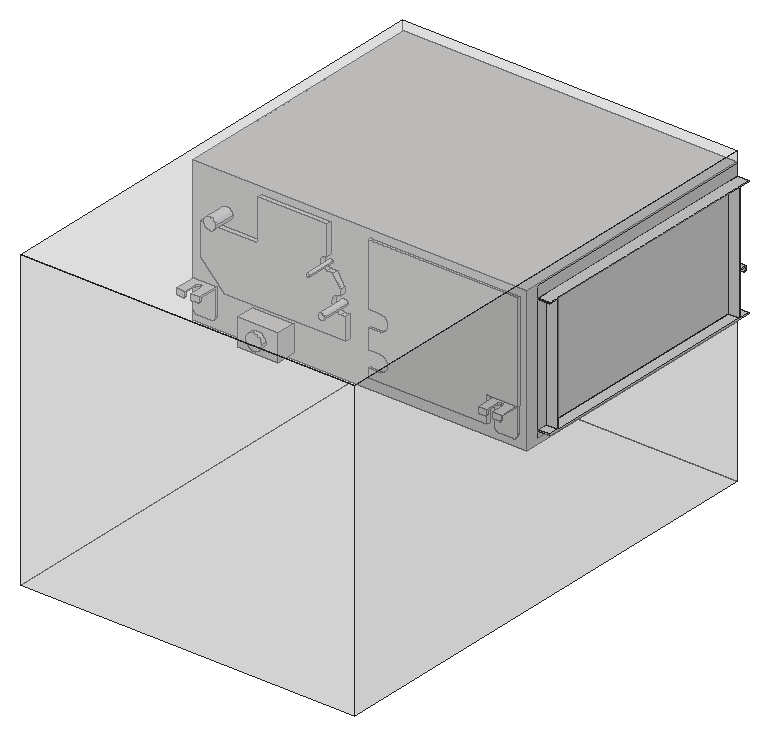
Revit family "outputfile", category 機械設備, Revit 2024
Family settings
  丸型コネクタ寸法 = 半径を使用
  パーツ タイプ = 標準
  OmniClass 番号 = 23.75.10.24.21.27.27
  OmniClass タイトル = Split System Air Conditioning Units
  作業面ベース = いいえ
  常に垂直 = はい
  ロード時にボイドで切り取り = いいえ
  注釈の向きを維持 = いいえ
  共有 = いいえ
  部屋計算ポイント = はい
Parameters (values of type "FXMQ20PAV4")
  Description = ""
  製造元 = "Daikin"
  書き出し IFC クラス(タイプ) = "IfcUnitaryEquipmentType"
  定義済み IFC タイプ(タイプ) = "AIRCONDITIONINGUNIT"
  Cost = 0
  モデル = "FXMQ20PAV4"
  Type Comments = ""
  Keynote = ""
  Type Image = (empty or 0)
  Assembly Code = ""
  r_Liquid Pipe Size = Liquid Pipe Size / 2  # 3.2 mm
  r_Gas Pipe Size = Gas Pipe Size / 2  # 6.35 mm
  r_Drain Pipe Size = Drain Pipe Size / 2  # 12.5 mm
  lw_power = 396.0 mm  # constant formula
  lh_SA = 165.0 mm  # constant formula
  lw_SA = if(Depth = 550.0 mm, 210.0 mm, if(Depth = 700.0 mm, 285.0 mm, if(Depth = 1000.0 mm, 435.0 mm, 635.0 mm)))  # 210.0 mm
  lw_RA = if(Depth = 550.0 mm, 288.0 mm, if(Depth = 700.0 mm, 363.0 mm, if(Depth = 1000.0 mm, 513.0 mm, 713.0 mm)))  # 288.0 mm
  lh_power = 60.0 mm + [h***]  # 60.0 mm
  lh_mountinghole1 = lh_mountinghole + [h***]  # 80.0 mm
  lh_RA = 150.0 mm  # constant formula
  ld_power = Depth / 2  # 275.0 mm
  Voltage_comment_60Hz = "220"
  Voltage_comment_50Hz = "220-240"
  Voltage_60Hz = 220 V
  Voltage_50Hz = 220 V
  URL = ""
  Supply Air Direction [instance] = yes
  Sound Power Level_H speed (dB) = 51
  Phase_60Hz = 1
  Phase_50Hz = 1
  Minimum External Static Pressure = 50.00 Pa
  Minimum Circuit Amps_60Hz = 0.6 A
  Minimum Circuit Amps_50Hz = 0.6 A
  Maximum Fuse Amps_60Hz = 16.0 A
  Maximum Fuse Amps_50Hz = 16.0 A
  Maximum External Static Pressure = 100.00 Pa
  Material_Casing = DAIKIN_GalvanizedSteel_Casing_indoorunit
  lw_mountinghole = 631.0 mm  # constant formula
  lh_gaspipe = 144.0 mm + [h***]  # 144.0 mm
  lh_mountinghole = 80.0 mm  # constant formula
  lh_liquidpipe = 212.0 mm + [h***]  # 212.0 mm
  lh_drainpipe = 232.0 mm + [h***]  # 232.0 mm
  lh_antena = Height - lh_mountinghole + 1.0 mm  # 221.0 mm
  ld_drainpipe = Depth / 2 + 54.0 mm  # 329.0 mm
  ld_liquidpipe = 335.0 mm
  ld_gaspipe = 335.0 mm
  ld_mountinghole = Depth + 38.0 mm  # 588.0 mm
  h*** = 0.0 mm  # constant formula
  lw_liquidpipe = 290.0 mm  # constant formula
  lw_gaspipe = 318.0 mm  # constant formula
  lw_drainpipe = 80.0 mm  # constant formula
  Width = 700.0 mm
  Version = "ver.1.0"
  Unit Type = "Middle-High Static Pressure Duct Type"
  Unit Mass Weight = 25.00 kg
  Unit Designation [instance] = ""
  Uniclass2015Version = "Products v1.30"
  Uniclass2015Title = "Variable refrigerant flow units"
  Uniclass2015Code = "Pr_70_65_03_94"
  Total Heating Capacity [instance] = 0.000 kW
  Total Cooling Capacity [instance] = 0.000 kW
  Sound Pressure Level_M speed (dBA) = 0
  Sound Pressure Level_L speed (dBA) = 29
  Sound Pressure Level_H speed (dBA) = 33
  Series = "VRV Fan Coil Unit"
  Sensible Cooling Capacity [instance] = 0.000 kW
  SA Duct Size Width = if(Depth = 550.0 mm, 310.0 mm, if(Depth = 700.0 mm, 460.0 mm, if(Depth = 1000.0 mm, 760.0 mm, 1160.0 mm)))  # 310.0 mm
  SA Duct Size Height = 215.0 mm
  Refrigerant Type = "R410A"
  RA Duct Size Width = if(Depth = 550.0 mm, 475.0 mm, if(Depth = 700.0 mm, 625.0 mm, if(Depth = 1000.0 mm, 925.0 mm, 1325.0 mm)))  # 475.0 mm
  RA Duct Size Height = 247.0 mm
  Power Input (Heating) = 0.069 kW
  Power Input (Cooling) = 0.081 kW
  Option Accessory 3 [instance] = ""
  Option Accessory 2 [instance] = ""
  Option Accessory 1 [instance] = ""
  Nominal Heating Capacity = 2.500 kW
  Nominal Cooling Capacity = 2.200 kW
  Minimum Airflow = 390.00 m³/h
  Median Airflow = 450.00 m³/h
  Maximum Airflow = 540.00 m³/h
  Load Classification = HVAC
  Liquid Pipe Size = 6.4 mm
  Link_Nested Family [instance] = ""
  IfcVersion = "0"
  IfcExportType = "AIRCONDITIONINGUNIT"
  IfcExportAs = "IfcUnitaryEquipmentType"
  Height = 300.0 mm
  Heating Entering Wet Bulb Temperature [instance] = 0.00 °C
  Heating Entering Dry Bulb Temperature [instance] = 0.00 °C
  Heating Ambient Wet Bulb Temperature [instance] = 0.00 °C
  Heating Ambient Dry Bulb Temperature [instance] = 0.00 °C
  Heat Exchanger Type = "Cross Fin Coil"
  Gas Pipe Size = 12.7 mm
  Frequency_60Hz = 60 Hz
  Frequency_50Hz = 50 Hz
  Fan Type = "Sirocco Fan"
  Fan Drive = "Direct Drive"
  FCU Tag No. [instance] = ""
  Drain Pipe Size = 25.0 mm
  Design Supply Airflow [instance] = 0.00 m³/h
  Design Return Airflow [instance] = 0.00 m³/h
  Design External Static Pressure [instance] = 0.00 Pa
  Depth = 550.0 mm
  既定の高さ = 0.0 mm
  Cooling Entering Wet Bulb Temperature [instance] = 0.00 °C
  Cooling Entering Dry Bulb Temperature [instance] = 0.00 °C
  Cooling Ambient Wet Bulb Temperature [instance] = 0.00 °C
  Cooling Ambient Dry Bulb Temperature [instance] = 0.00 °C
  Clearance visibility [instance] = yes
  Clearance Top = 20.0 mm
  Clearance Right = 0.0 mm
  Clearance Rear = 0.0 mm
  Clearance Left = 0.0 mm
  Clearance Front = 450.0 mm
  Clearance Bottom = 300.0 mm
Reference planes
  plane 1 "Center (Front/Back)": y = 0
  plane 2 "h": z = 0
  plane 3 "Center (Left/Right)": x = 0
  plane 4 "Back": y = 275
  plane 5 "Front": y = -275
  plane 6 "Left": x = -350
  plane 7 "Reight": x = 350
  plane 8 "Top": z = 0
  plane 9 "Bottom": z = -300
  plane 10: y = -215
  plane 11: y = 275
  plane 12: y = -725
  plane 13: x = -350
  plane 14: x = 350
  plane 15: z = 20
  plane 16: z = -600
  plane 17: x = -350
  plane 18: z = -135
  plane 19: x = -349
  plane 20: x = 349
  plane 21: y = 65
  plane 22: y = 13
  plane 23: z = -150
  plane 24: y = -285.8
  plane 25: z = -14
  plane 26: z = -219
  plane 27: x = -324
  plane 28: x = -60
  plane 29: x = -20
  plane 30: z = -156
  plane 31: x = -32
  plane 32: z = -88
  plane 33: x = 23
  plane 34: x = 335
  plane 35: z = -15.8
  plane 36: z = -274.8
  plane 37: z = -219.8
  plane 38: x = 271
  plane 39: x = -223.3
  plane 40: x = -138.3
  plane 41: z = -232.7
  plane 42: z = -288.5
  plane 43: y = -316
  plane 44: x = -181
  plane 45: z = -260
  plane 46: y = -326
  plane 47: z = -163.8
  plane 48: z = -239.8
  plane 49: x = 46
  plane 50: z = -88
  plane 51: x = -60
  plane 52: y = -335
  plane 53: z = -156
  plane 54: x = -32
  plane 55: y = -329
  plane 56: z = -68
  plane 57: x = -270
  plane 58: x = -270
  plane 59: x = -60
  plane 60: x = -32
  plane 61: x = 46
  plane 62: x = -323
  plane 63: x = 308
  plane 64: y = -294
  plane 65: y = 294
  plane 66: z = -220
  plane 67: y = -281
  plane 68: x = -204
  plane 69: z = -100.2
  plane 70: x = -374
  plane 71: x = 374
Forms (mm)
  Extrusion 1, solid, material "DAIKIN_GalvanizedSteel_Casing_indoorunit" <- "Material_Casing"
    sketch origin (0, 0, 0) x (1, 0, 0) y (0, 1, 0)
      loop
        line (-349, 275) -> (-349, -275) -> (349, -275) -> (349, 275) -> (-349, 275)
    from -300 to 0
  Extrusion 2, solid, material "DAIKIN_GalvanizedSteel_Casing_indoorunit" <- "Material_Casing"
    sketch origin (0, 0, 0) x (1, 0, 0) y (0, 0, 1)
      loop
        line (-324, -100.2) -> (-324, -168) -> (-273, -219) -> (-20, -219) -> (-20, -173.5) -> (-32, -173.5)
        arc (-32, -173.5) -> (-49.5, -156) -> (-32, -138.5) r 17.5
        line (-32, -138.5) -> (-32, -127.5) -> (-47, -101) -> (-60, -101)
        arc (-60, -101) -> (-73, -88) -> (-60, -75) r 13
        line (-60, -75) -> (-60, -14) -> (-204, -14) -> (-204, -100.2) -> (-324, -100.2)
    from 275 to 285.8
  Extrusion 3, solid, material "DAIKIN_GalvanizedSteel_Casing_indoorunit" <- "Material_Casing"
    sketch origin (0, 0, 0) x (1, 0, 0) y (0, 0, 1)
      loop
        line (23, -274.8) -> (271, -274.8) -> (271, -219.8) -> (335, -219.8) -> (335, -15.8) -> (23, -15.8) -> (23, -146.3) -> (46, -146.3)
        arc (46, -146.3) -> (63.5, -163.8) -> (46, -181.3) r 17.5
        line (46, -181.3) -> (23, -181.3) -> (23, -222.3) -> (46, -222.3)
        arc (46, -222.3) -> (63.5, -239.8) -> (46, -257.3) r 17.5
        line (46, -257.3) -> (23, -257.3) -> (23, -274.8)
    from 275 to 281
  Extrusion 4, solid, material "DAIKIN_GalvanizedSteel_Casing_indoorunit" <- "Material_Casing"
    sketch origin (0, 0, 0) x (1, 0, 0) y (0, 0, 1)
      loop
        line (-223.3, -232.7) -> (-223.3, -288.5) -> (-138.3, -288.5) -> (-138.3, -232.7) -> (-223.3, -232.7)
    from 275 to 316
  Extrusion 5, solid, material "DAIKIN_GalvanizedSteel_Casing_indoorunit" <- "Material_Casing"
    sketch origin (0, 0, 0) x (1, 0, 0) y (0, 0, 1)
      loop
        circle (-181, -260) r 16.5
    from 316 to 326
  Extrusion 6, solid
    sketch origin (0, 0, 0) x (1, 0, 0) y (0, 0, 1)
      loop
        circle (-60, -88) r 3.2
    from 275 to 335
  Extrusion 7, solid
    sketch origin (0, 0, 0) x (1, 0, 0) y (0, 0, 1)
      loop
        circle (-32, -156) r 6.35
    from 275 to 335
  Extrusion 8, solid
    sketch origin (0, 0, 0) x (1, 0, 0) y (0, 0, 1)
      loop
        circle (-270, -68) r 12.5
    from 285.8 to 329
Dimensions and locks
  "Height": plane 8 "Top" to plane 9 "Bottom"
  equal spacing: plane 4 "Back", plane 1 "Center (Front/Back)", plane 5 "Front"
  "Depth": plane 4 "Back" to plane 5 "Front"
  equal spacing: plane 6 "Left", plane 3 "Center (Left/Right)", plane 7 "Reight"
  "Width": plane 6 "Left" to plane 7 "Reight"
  "Clearance Left": plane 13 to plane 6 "Left"
  "Clearance Right": plane 7 "Reight" to plane 14
  "Clearance Rear": plane 11 to plane 4 "Back"
  "Clearance Front": plane 5 "Front" to plane 12
  "Clearance Top": plane 15 to plane 8 "Top"
  "Clearance Bottom": plane 9 "Bottom" to plane 16
  "lh_SA": plane 18 to plane 9 "Bottom"
  locked: plane 17 to plane 19 at 1
  locked: plane 20 to plane 14 at 1
  "lw_SA": plane 11 to plane 21
  "lw_RA": plane 22 to plane 5 "Front"
  "lh_RA": plane 23 to plane 9 "Bottom"
  locked: plane 5 "Front" to plane 24 at 10.8
  plane 29 to plane 28 to plane 27 to plane 6 "Left" = 40.0 mm, 264.0 mm, 26.0 mm
  locked: plane 31 to plane 6 "Left" at 318
  plane 34 to plane 33 to plane 6 "Left" = 312.0 mm locked, 373.0 mm locked
  locked: plane 34 to plane 38 at 64
  locked: plane 37 to plane 36 at 55
  plane 40 to plane 39 to plane 6 "Left" = 85.0 mm locked, 126.7 mm locked
  locked: plane 5 "Front" to plane 43 at 41
  locked: plane 44 to plane 6 "Left" at 169
  locked: plane 43 to plane 46 at 10
  plane 47 to plane 48 to plane 36 = 76.0 mm locked, 35.0 mm locked
  locked: plane 49 to plane 33 at 23
  "lw_liquidpipe": plane 51 to plane 6 "Left"
  "lh_liquidpipe": plane 50 to plane 9 "Bottom"
  "lh_gaspipe": plane 53 to plane 9 "Bottom"
  "lw_gaspipe": plane 54 to plane 6 "Left"
  "ld_gaspipe": plane 52 to plane 1 "Center (Front/Back)"
  "ld_drainpipe": plane 55 to plane 1 "Center (Front/Back)"
  "lh_drainpipe": plane 56 to plane 9 "Bottom"
  "lw_drainpipe": plane 57 to plane 6 "Left"
  "lw_drainpipe": plane 6 "Left" to plane 58
  "lw_liquidpipe": plane 6 "Left" to plane 59
  "lw_gaspipe": plane 6 "Left" to plane 60
  "lw_power": plane 6 "Left" to plane 61
  plane 17 to plane 62 = 27.0 mm
  "lw_mountinghole": plane 62 to plane 63
  equal spacing: plane 64, plane 1 "Center (Front/Back)", plane 65
  "ld_mountinghole": plane 65 to plane 64
  "lh_mountinghole": plane 66 to plane 9 "Bottom"
  plane 8 "Top" to plane 41 to plane 42 = 232.7 mm locked, 55.8 mm locked
  locked: plane 8 "Top" to plane 45 at 260
  plane 8 "Top" to plane 25 to plane 26 = 14.0 mm locked, 205.0 mm locked
  plane 8 "Top" to plane 32 to plane 30 = 88.0 mm locked, 68.0 mm locked
  plane 8 "Top" to plane 35 to plane 36 = 15.8 mm locked, 259.0 mm locked
  locked: plane 5 "Front" to plane 67 at 6
  locked: plane 25 to plane 69 at 86.2
  locked: plane 27 to plane 68 at 120
  locked: plane 70 to plane 6 "Left" at 24
  locked: plane 14 to plane 71 at 24
  "r_Liquid Pipe Size": radius of Extrusion 6 sketch curve
  "r_Gas Pipe Size": radius of Extrusion 7 sketch curve
  "r_Drain Pipe Size": radius of Extrusion 8 sketch curve
  aligned and locked: level to plane 2 "h"
  aligned and locked: plane 8 "Top" to Extrusion 1
  aligned and locked: Extrusion 1 to plane 9 "Bottom"
  aligned and locked: nested 5 to plane 12
  aligned and locked: plane 13 to nested 5
  aligned and locked: plane 14 to nested 5
  aligned and locked: nested 5 to plane 13
  aligned and locked: plane 11 to nested 5
  aligned and locked: plane 15 to nested 5
  aligned and locked: plane 16 to nested 5
  aligned and locked: plane 5 "Front" to Extrusion 1 sketch curve
  aligned and locked: Extrusion 1 to plane 19
  aligned and locked: plane 20 to Extrusion 1
  aligned and locked: nested 7 to plane 19
  aligned and locked: nested 7 to plane 21
  aligned and locked: plane 18 to nested 7
  aligned and locked: plane 20 to nested 8
  aligned and locked: plane 22 to nested 8
  aligned and locked: plane 23 to nested 8
  aligned and locked: Extrusion 2 to plane 24
  aligned and locked: plane 5 "Front" to Extrusion 2
  aligned and locked: plane 36 to Extrusion 3 sketch curve
  aligned and locked: plane 38 to Extrusion 3 sketch curve
  aligned and locked: plane 37 to Extrusion 3 sketch curve
  aligned and locked: Extrusion 3 sketch curve to plane 34
  aligned and locked: Extrusion 3 sketch curve to plane 35
  aligned and locked: Extrusion 3 sketch curve to plane 33
  aligned and locked: plane 5 "Front" to Extrusion 3
  aligned and locked: Extrusion 4 sketch curve to plane 41
  aligned and locked: Extrusion 4 sketch curve to plane 39
  aligned and locked: plane 42 to Extrusion 4 sketch curve
  aligned and locked: plane 40 to Extrusion 4 sketch curve
  aligned and locked: Extrusion 4 to plane 43
  aligned and locked: plane 5 "Front" to Extrusion 4
  aligned and locked: Extrusion 5 sketch curve to plane 44
  aligned and locked: plane 45 to Extrusion 5 sketch curve
  aligned and locked: Extrusion 5 to plane 46
  aligned and locked: plane 43 to Extrusion 5
  aligned and locked: Extrusion 6 sketch curve to plane 51
  aligned and locked: plane 50 to Extrusion 6 sketch curve
  aligned and locked: Extrusion 6 to plane 52
  aligned and locked: plane 5 "Front" to Extrusion 6
  aligned and locked: Extrusion 7 sketch curve to plane 54
  aligned and locked: plane 53 to Extrusion 7 sketch curve
  aligned and locked: Extrusion 7 to Extrusion 6
  aligned and locked: plane 5 "Front" to Extrusion 7
  aligned and locked: Extrusion 8 sketch curve to plane 57
  aligned and locked: plane 56 to Extrusion 8 sketch curve
  aligned and locked: Extrusion 8 to plane 55
  aligned and locked: plane 24 to Extrusion 8
  aligned and locked: nested 3 to plane 55
  aligned and locked: plane 58 to nested 3
  aligned and locked: nested 2 to plane 59
  aligned and locked: nested 2 to plane 52
  aligned and locked: nested 1 to plane 60
  aligned and locked: Extrusion 7 to plane 52
  aligned and locked: nested 1 to plane 52
  aligned and locked: nested 6 to plane 5 "Front"
  aligned and locked: plane 61 to nested 6
  aligned and locked: plane 62 to nested 10
  aligned and locked: nested 10 to plane 5 "Front"
  aligned and locked: plane 63 to nested 9
  aligned and locked: nested 9 to plane 5 "Front"
  aligned and locked: nested 11 to plane 62
  aligned and locked: plane 4 "Back" to nested 11
  aligned and locked: nested 12 to plane 63
  aligned and locked: plane 4 "Back" to nested 12
  aligned and locked: plane 66 to nested 10
  aligned and locked: plane 66 to nested 11
  aligned and locked: plane 66 to nested 9
  aligned and locked: plane 66 to nested 12
  aligned and locked: plane 62 to nested 14
  aligned and locked: nested 14 to plane 65
  aligned and locked: plane 63 to nested 13
  aligned and locked: nested 13 to plane 65
  aligned and locked: plane 63 to nested 16
  aligned and locked: plane 64 to nested 16
  aligned and locked: plane 64 to nested 15
  aligned and locked: plane 62 to nested 15
  aligned and locked: Extrusion 3 to plane 67
  aligned and locked: Extrusion 2 sketch curve to plane 68
  aligned and locked: plane 69 to Extrusion 2 sketch curve
  aligned and locked: nested 17 to plane 21
  aligned and locked: nested 17 to plane 70
  aligned and locked: plane 18 to nested 17
  aligned and locked: plane 22 to nested 18
  aligned and locked: plane 71 to nested 18
  aligned and locked: nested 18 to plane 23
  aligned and locked: nested 4 to plane 3 "Center (Left/Right)"
  aligned and locked: plane 1 "Center (Front/Back)" to nested 4
  aligned and locked: level to plane 8 "Top"
Automatic sketch dimensions
  plane 6 "Left" to Extrusion 1 sketch curve = 1.0 mm
  Extrusion 1 sketch curve to plane 7 "Reight" = 1.0 mm
  Extrusion 1 sketch curve to plane 4 "Back" = 0.0 mm
  Extrusion 3 sketch curve to plane 33 = 0.0 mm  (x2)
  Extrusion 3 sketch curve to plane 47 = 0.0 mm
  Extrusion 3 sketch curve to plane 49 = 0.0 mm  (x4)
  Extrusion 3 sketch curve to plane 48 = 0.0 mm
  Extrusion 3 sketch curve to plane 37 = 2.5 mm
  plane 23 to Extrusion 3 sketch curve = 3.7 mm
  plane 27 to Extrusion 2 sketch curve = 0.0 mm
  Extrusion 2 sketch curve to plane 26 = 0.0 mm
  Extrusion 2 sketch curve to plane 28 = 0.0 mm
  Extrusion 2 sketch curve to plane 31 = 0.0 mm
  Extrusion 2 sketch curve to plane 29 = 0.0 mm
  Extrusion 2 sketch curve to plane 30 = 0.0 mm
  Extrusion 2 sketch curve to plane 32 = 0.0 mm
  Extrusion 2 sketch curve to plane 25 = 0.0 mm
  Extrusion 2 sketch curve to Extrusion 2 sketch curve = 13.0 mm
  Extrusion 2 sketch curve to Extrusion 2 sketch curve = 17.5 mm
  plane 18 to Extrusion 2 sketch curve = 7.5 mm
  Extrusion 2 sketch curve to plane 58 = 3.0 mm
  Extrusion 2 sketch curve to plane 30 = 12.0 mm
  Extrusion 2 sketch curve to Extrusion 2 sketch curve = 0.8 mm
  radius of Extrusion 5 sketch curve = 16.5 mm
Nested families
  nested 1: "daikin_connector_rotate2" at (-32, 0, -156), length <- "ld_gaspipe", built-in parameter 1001364 <- "lh_gaspipe", radius <- "r_Gas Pipe Size", type "daikin_connector_rotate2"
    with radius 6.35 mm, length 335.0 mm, angle_vertical 90.00°
  nested 2: "daikin_connector_rotate2" at (-60, 0, -88), length <- "ld_liquidpipe", built-in parameter 1001364 <- "lh_liquidpipe", radius <- "r_Liquid Pipe Size", type "daikin_connector_rotate2"
    with radius 3.2 mm, length 335.0 mm, angle_vertical 90.00°
  nested 3: "daikin_connector_rotate2" at (-270, 0, -68), length <- "ld_drainpipe", built-in parameter 1001364 <- "lh_drainpipe", radius <- "r_Drain Pipe Size", type "daikin_connector_rotate2"
    with radius 12.5 mm, length 329.0 mm, angle_vertical 90.00°
  nested 4: "daikin_△_symbolicline" at (0, 0, 300) x (0, -1, 0) z (0, 0, 1), built-in parameter 1001364 <- "Height", visible <- "Supply Air Direction", type "daikin_△_symbolicline"
    with length 200.0 mm
  nested 5: "daikin_clearancespace" at (0, -225, -289.881), visible <- "Clearance visibility", show <- "Clearance visibility", Link_Nested Family <- "Link_Nested Family", type "daikin_clearancespace"
    with width 700.0 mm, show yes, height 620.0 mm, depth 1000.0 mm, Link_Nested Family ""
  nested 6: "daikin_connector_rotate2" at (46, 0, -240), built-in parameter 1001364 <- "lh_power", length <- "ld_power", type "daikin_connector_rotate2"
    with radius 10.0 mm, length 275.0 mm, angle_vertical 90.00°
  nested 7: "daikin_ductflange_FXMQ-PAV4_2" at (-349, 65, -135) x (0, -1, 0) z (0, 0, 1), type "daikin_ductflange_FXMQ-PAV4_2"
  nested 8: "daikin_ductflange_FXMQ-PAV4_1" at (349, 13, -150) x (0, 1, 0) z (0, 0, 1), type "daikin_ductflange_FXMQ-PAV4_1"
  nested 9: "daikin_hangerfixture_FXMQ-PAV4" at (308, -275, -220), type "daikin_hangerfixture_FXMQ-PAV4"
  nested 10: "daikin_hangerfixture_FXMQ-PAV4" at (-323, -275, -220), type "daikin_hangerfixture_FXMQ-PAV4"
  nested 11: "daikin_hangerfixture_FXMQ-PAV4" at (-323, 275, -220) x (-1, 0, 0) z (0, 0, 1), type "daikin_hangerfixture_FXMQ-PAV4"
  nested 12: "daikin_hangerfixture_FXMQ-PAV4" at (308, 275, -220) x (-1, 0, 0) z (0, 0, 1), type "daikin_hangerfixture_FXMQ-PAV4"
  nested 13: "daikin_mountinghole" at (308, 294, -300), h_mountinghole <- "lh_mountinghole1", l_antenna <- "lh_antena", Link_Nested Family <- "Link_Nested Family", type "daikin_mountinghole"
    with show yes, l_antenna 221.0 mm, h_mountinghole 80.0 mm, Link_Nested Family ""
  nested 14: "daikin_mountinghole" at (-323, 294, -300), h_mountinghole <- "lh_mountinghole1", l_antenna <- "lh_antena", Link_Nested Family <- "Link_Nested Family", type "daikin_mountinghole"
    with show yes, l_antenna 221.0 mm, h_mountinghole 80.0 mm, Link_Nested Family ""
  nested 15: "daikin_mountinghole" at (-323, -294, -300), h_mountinghole <- "lh_mountinghole1", l_antenna <- "lh_antena", Link_Nested Family <- "Link_Nested Family", type "daikin_mountinghole"
    with show yes, l_antenna 221.0 mm, h_mountinghole 80.0 mm, Link_Nested Family ""
  nested 16: "daikin_mountinghole" at (308, -294, -300), h_mountinghole <- "lh_mountinghole1", l_antenna <- "lh_antena", Link_Nested Family <- "Link_Nested Family", type "daikin_mountinghole"
    with show yes, l_antenna 221.0 mm, h_mountinghole 80.0 mm, Link_Nested Family ""
  nested 17: "daikin_connector_rotate2" at (-350, 65, -135) x (0, -1, 0) z (0, 0, 1), type "daikin_connector_rotate2"
    with radius 10.0 mm, length 24.0 mm, angle_vertical 90.00°
  nested 18: "daikin_connector_rotate2" at (350, 13, -150) x (0, 1, 0) z (0, 0, 1), type "daikin_connector_rotate2"
    with radius 10.0 mm, length 24.0 mm, angle_vertical 90.00°
Connectors
  piping at (-270, -329, -68), diameter 25, driven by "r_Drain Pipe Size"
    settings: on nested 3, index 3, connector inside diameter 609.6 mm, connector length 0.0 mm, flow factor 0, pipe flow 0.00 m³/h, pressure drop 0.0 Pa, fitting loss kfactor 0, connector angle 0.00°, fixture units 0, engagement length 0.0 mm, angle of deflection 0.00°, flow configuration 1, flow direction 2, fitting loss method 4, system type 16, joint type 0, gender type 0, connector reference index -1, connector utility 0, adjustable connector no, is connector primary yes, connector description "Condensate Drain Piping"
  piping at (-32, -335, -156), diameter 12.7, driven by "r_Gas Pipe Size"
    settings: on nested 1, index 4, connector inside diameter 609.6 mm, connector length 0.0 mm, flow factor 0, pipe flow 0.00 m³/h, pressure drop 0.0 Pa, fitting loss kfactor 0, connector angle 0.00°, fixture units 0, engagement length 0.0 mm, angle of deflection 0.00°, flow configuration 1, flow direction 2, fitting loss method 0, system type 29, joint type 0, gender type 0, connector reference index -1, connector utility 0, adjustable connector no, is connector primary no, connector description "Refrigerant Gas Piping"
  piping at (-60, -335, -88), diameter 6.4, driven by "r_Liquid Pipe Size"
    settings: on nested 2, index 5, connector inside diameter 609.6 mm, connector length 0.0 mm, flow factor 0, pipe flow 0.00 m³/h, pressure drop 0.0 Pa, fitting loss kfactor 0, connector angle 0.00°, fixture units 0, engagement length 0.0 mm, angle of deflection 0.00°, flow configuration 1, flow direction 1, fitting loss method 0, system type 29, joint type 0, gender type 0, connector reference index -1, connector utility 0, adjustable connector no, is connector primary no, connector description "Refrigerant Liquid Piping"
  electrical at (46, -275, -240), driven by "Load Classification"
    settings: on nested 6, index 6, voltage 0 V, apparent load 0 VA, apparent load phase1 0 VA, apparent load phase2 0 VA, apparent load phase3 0 VA, power factor 1, load classification "HVAC", number of poles 1, system type 30, power factor state 1, is connector primary yes, connector utility no, sub classification motor no, connector description "Power Supply"
  hvac at (-374, 65, -135), driven by "SA Duct Size Height", driven by "SA Duct Size Width"
    settings: on nested 17, index 7, duct flow 0.00 m³/h, flow factor 0, pres drop 0.00 Pa, loss coef 0, conn angle 0.00°, conn width 310.0 mm, conn height 215.0 mm, conn diameter 609.6 mm, duct sys type 1, conn prof type 1, flow config 0, flow direction 2, loss method 4, conn ref index -1, conn util no, is conn primary yes, conn desc "SA Duct"
  hvac at (374, 13, -150), driven by "RA Duct Size Height", driven by "RA Duct Size Width"
    settings: on nested 18, index 8, duct flow 0.00 m³/h, flow factor 0, pres drop 0.00 Pa, loss coef 0, conn angle 0.00°, conn width 475.0 mm, conn height 247.0 mm, conn diameter 609.6 mm, duct sys type 2, conn prof type 1, flow config 0, flow direction 1, loss method 4, conn ref index -1, conn util no, is conn primary no, conn desc "RA Duct"
Definition of nested family "daikin_clearancespace"
  Parameters (values of type "daikin_clearancespace")
    width [instance] = 1823.963 mm
    show [instance] = yes
    material = none
    height [instance] = 1359.762 mm
    depth [instance] = 880.0 mm
    Default Elevation = 0.0 mm
    Link_Nested Family [instance] = ""
  Reference planes
    plane 1 "Center (Front/Back)": y = 0
    plane 2 "Center (Elevation)": z = -0.119
    plane 3 "Center (Left/Right)": x = 0
    plane 4: y = 440
    plane 5: y = -440
    plane 6 "Right": x = 911.982
    plane 7 "Left": x = -911.982
    plane 8 "Top": z = 679.762
    plane 9 "Bottom": z = -680
  Forms (mm)
    Extrusion 1, solid, material <- "material", visible <- "show"
      sketch origin (0, 0, 0) x (1, 0, 0) y (0, 1, 0)
        loop
          line (-911.982, 440) -> (-911.982, -440) -> (911.982, -440) -> (911.982, 440) -> (-911.982, 440)
      from -680 to 679.762
  Lines and regions (mm)
    symbolic lines, visible <- "show"
      curve 1: line (911.982, 440, 0) -> (-911.982, 440, 0)
      curve 2: line (-911.982, 440, 0) -> (-911.982, -440, 0)
      curve 3: line (-911.982, -440, 0) -> (911.982, -440, 0)
      curve 4: line (911.982, -440, 0) -> (911.982, 440, 0)
      curve 5: line (911.982, 0, 679.762) -> (-911.982, 0, 679.762)
      curve 6: line (911.982, 0, -680) -> (911.982, 0, 679.762)
      curve 7: line (-911.982, 0, -680) -> (911.982, 0, -680)
      curve 8: line (-911.982, 0, 679.762) -> (-911.982, 0, -680)
      curve 9: line (0, 440, 679.762) -> (0, -440, 679.762)
      curve 10: line (0, -440, 679.762) -> (0, -440, -680)
      curve 11: line (0, 440, -680) -> (0, 440, 679.762)
      curve 12: line (0, -440, -680) -> (0, 440, -680)
  Dimensions and locks
    "width": plane 7 "Left" to plane 6 "Right"
    "depth": plane 4 to plane 5
    "height": plane 8 "Top" to plane 9 "Bottom"
    equal spacing: plane 7 "Left", plane 3 "Center (Left/Right)", plane 6 "Right"
    equal spacing: plane 4, plane 1 "Center (Front/Back)", plane 5
    equal spacing: plane 8 "Top", plane 2 "Center (Elevation)", plane 9 "Bottom"
    aligned and locked: level to plane 2 "Center (Elevation)"
    aligned and locked: Extrusion 1 sketch curve to plane 4
    aligned and locked: plane 7 "Left" to Extrusion 1 sketch curve
    aligned and locked: Extrusion 1 sketch curve to plane 5
    aligned and locked: Extrusion 1 sketch curve to plane 6 "Right"
    aligned and locked: plane 8 "Top" to Extrusion 1
    aligned and locked: curve 1 to Extrusion 1
    aligned and locked: curve 2 to Extrusion 1
    aligned and locked: curve 3 to Extrusion 1
    aligned and locked: curve 4 to Extrusion 1
    aligned and locked: curve 5 to Extrusion 1
    aligned and locked: curve 6 to Extrusion 1
    aligned and locked: curve 7 to Extrusion 1
    aligned and locked: curve 8 to Extrusion 1
    aligned and locked: curve 9 to Extrusion 1
    aligned and locked: curve 10 to Extrusion 1
    aligned and locked: curve 11 to Extrusion 1
    aligned and locked: curve 12 to Extrusion 1
    aligned and locked: Extrusion 1 to plane 9 "Bottom"
Definition of nested family "daikin_ductflange_FXMQ-PAV4_2"
  Parameters (values of type "daikin_ductflange_FXDSQ-AVM2")
    width = if(w = 550.0 mm, 310.0 mm, if(w = 700.0 mm, 460.0 mm, if(w = 1000.0 mm, 760.0 mm, 1160.0 mm)))  # 310.0 mm
    material = none
    height = 215.0 mm
    depth = 1.0 mm
    w = 550.0 mm
    Default Elevation = 0.0 mm
  Reference planes
    plane 1 "Center (Front/Back)": y = 0
    plane 2: z = 0
    plane 3 "Center (Left/Right)": x = 0
    plane 4: z = 107.5
    plane 5: z = -107.5
    plane 6: y = -25
    plane 7: z = 132.5
    plane 8: z = 108.5
    plane 9: y = -1
    plane 10: x = -177.5
    plane 11: x = 177.5
    plane 12: z = -132.5
    plane 13: z = -108.5
    plane 14: y = -1
    plane 15: x = 155
    plane 16: x = -155
    plane 17: x = 156
    plane 18: z = 106.5
    plane 19: z = -106.5
    plane 20: x = -156
    plane 21: z = 106.5
    plane 22: z = -106.5
    plane 23: y = -1
  Forms (mm)
    Extrusion 1, solid, material <- "material"
      sketch origin (0, 0, 0) x (0, 1, 0) y (0, 0, 1)
        loop
          line (-25, 107.5) -> (0, 107.5) -> (0, 132.5) -> (-1, 132.5) -> (-1, 108.5) -> (-25, 108.5) -> (-25, 107.5)
      from -177.5 to 177.5
    Extrusion 2, solid, material <- "material"
      sketch origin (0, 0, 0) x (0, 1, 0) y (0, 0, 1)
        loop
          line (-25, -107.5) -> (-25, -108.5) -> (-1, -108.5) -> (-1, -132.5) -> (0, -132.5) -> (0, -107.5) -> (-25, -107.5)
      from -177.5 to 177.5
    Extrusion 3, solid, material <- "material"
      sketch origin (0, 0, 0) x (1, 0, 0) y (0, 0, 1)
        loop
          line (155, 107.5) -> (155, -107.5) -> (177.5, -107.5) -> (177.5, -106.5) -> (156, -106.5) -> (156, 106.5) -> (177.5, 106.5) -> (177.5, 107.5) -> (155, 107.5)
      from 0 to 25
    Extrusion 4, solid, material <- "material"
      sketch origin (0, 0, 0) x (1, 0, 0) y (0, 0, 1)
        loop
          line (-177.5, 107.5) -> (-177.5, 106.5) -> (-156, 106.5) -> (-156, -106.5) -> (-177.5, -106.5) -> (-177.5, -107.5) -> (-155, -107.5) -> (-155, 107.5) -> (-177.5, 107.5)
      from 0 to 25
    Extrusion 5, solid, material <- "material"
      sketch origin (0, 0, 0) x (1, 0, 0) y (0, 0, 1)
        loop
          line (-177.5, 107.5) -> (-177.5, -107.5) -> (-155, -107.5) -> (-155, 107.5) -> (-177.5, 107.5)
        loop
          line (177.5, 107.5) -> (155, 107.5) -> (155, -107.5) -> (177.5, -107.5) -> (177.5, 107.5)
      from 0 to 1
  Cuts and joins
    joined: Extrusion 1, Extrusion 2, Extrusion 3, Extrusion 4, Extrusion 5
  Dimensions and locks
    plane 4 to level to plane 5 = 107.5 mm locked, 107.5 mm locked
    locked: plane 6 to plane 1 "Center (Front/Back)" at 25
    locked: plane 9 to plane 1 "Center (Front/Back)" at 1
    locked: plane 8 to plane 4 at 1
    locked: plane 11 to plane 15 at 22.5
    locked: plane 16 to plane 10 at 22.5
    locked: plane 17 to plane 15 at 1
    locked: plane 4 to plane 18 at 1
    locked: plane 19 to plane 5 at 1
    "width": plane 15 to plane 16
    plane 4 to plane 5 = 215.0 mm
    equal spacing: plane 15, plane 3 "Center (Left/Right)", plane 16
    locked: plane 16 to plane 20 at 1
    locked: plane 4 to plane 21 at 1
    locked: plane 22 to plane 5 at 1
    locked: plane 23 to plane 1 "Center (Front/Back)" at 1
    aligned and locked: level to plane 2
    aligned and locked: Extrusion 1 to plane 10
    aligned and locked: plane 11 to Extrusion 1
    aligned and locked: plane 5 to Extrusion 2
    aligned and locked: Extrusion 2 to plane 1 "Center (Front/Back)"
    aligned and locked: plane 15 to Extrusion 3 sketch curve
    aligned and locked: Extrusion 3 sketch curve to Extrusion 2  (x2)
    aligned and locked: Extrusion 3 sketch curve to plane 11
    aligned and locked: plane 6 to Extrusion 3
    aligned and locked: Extrusion 2 to plane 10
    aligned and locked: plane 11 to Extrusion 2
    aligned and locked: Extrusion 4 sketch curve to Extrusion 1  (x2)
    aligned and locked: plane 5 to Extrusion 4 sketch curve
    aligned and locked: Extrusion 4 sketch curve to plane 16
    aligned and locked: Extrusion 4 sketch curve to plane 22
    aligned and locked: plane 20 to Extrusion 4 sketch curve
    aligned and locked: plane 21 to Extrusion 4 sketch curve
    aligned and locked: Extrusion 4 to plane 1 "Center (Front/Back)"
    aligned and locked: plane 6 to Extrusion 4
    aligned and locked: Extrusion 5 sketch curve to Extrusion 1  (x4)
    aligned and locked: Extrusion 5 sketch curve to Extrusion 4  (x2)
    aligned and locked: Extrusion 5 sketch curve to Extrusion 3  (x2)
    aligned and locked: Extrusion 5 to plane 1 "Center (Front/Back)"
    aligned and locked: plane 23 to Extrusion 5
  Automatic sketch dimensions
    Extrusion 1 sketch curve to plane 6 = 0.0 mm
    Extrusion 1 sketch curve to plane 7 = 0.0 mm
    Extrusion 1 sketch curve to plane 9 = 0.0 mm
    Extrusion 1 sketch curve to plane 1 "Center (Front/Back)" = 0.0 mm
    Extrusion 1 sketch curve to plane 4 = 0.0 mm
    Extrusion 1 sketch curve to plane 8 = 0.0 mm
    Extrusion 2 sketch curve to plane 6 = 0.0 mm
    plane 12 to Extrusion 2 sketch curve = 0.0 mm
    Extrusion 2 sketch curve to plane 14 = 0.0 mm
    Extrusion 2 sketch curve to plane 1 "Center (Front/Back)" = 0.0 mm
    plane 13 to Extrusion 2 sketch curve = 0.0 mm
    Extrusion 2 sketch curve to plane 5 = 0.0 mm
    Extrusion 3 sketch curve to plane 17 = 0.0 mm
    Extrusion 3 sketch curve to plane 19 = 0.0 mm
    Extrusion 3 sketch curve to plane 18 = 0.0 mm
    Extrusion 3 sketch curve to plane 4 = 0.0 mm
    Extrusion 4 sketch curve to plane 10 = 0.0 mm
Definition of nested family "daikin_ductflange_FXMQ-PAV4_1"
  Parameters (values of type "daikin_ductflange_FXDSQ-AVM")
    width = if(w = 550.0 mm, 475.0 mm, if(w = 700.0 mm, 625.0 mm, if(w = 1000.0 mm, 925.0 mm, 1325.0 mm)))  # 475.0 mm
    material = none
    height = 247.0 mm
    depth = 1.0 mm
    w = 550.0 mm
    Default Elevation = 0.0 mm
  Reference planes
    plane 1 "Center (Front/Back)": y = 0
    plane 2: z = 0
    plane 3 "Center (Left/Right)": x = 0
    plane 4: z = 123.5
    plane 5: z = -123.5
    plane 6: y = -25
    plane 7: z = 146.5
    plane 8: z = 124.5
    plane 9: y = -1
    plane 10: x = -260
    plane 11: x = 260
    plane 12: z = -137
    plane 13: z = -124.5
    plane 14: y = -1
    plane 15: x = 237.5
    plane 16: x = -237.5
    plane 17: x = 238.5
    plane 18: z = 122.5
    plane 19: z = -122.5
    plane 20: x = -238.5
    plane 21: z = 122.5
    plane 22: z = -122.5
    plane 23: y = -1
  Forms (mm)
    Extrusion 1, solid, material <- "material"
      sketch origin (0, 0, 0) x (0, 1, 0) y (0, 0, 1)
        loop
          line (-25, 123.5) -> (0, 123.5) -> (0, 146.5) -> (-1, 146.5) -> (-1, 124.5) -> (-25, 124.5) -> (-25, 123.5)
      from -260 to 260
    Extrusion 2, solid, material <- "material"
      sketch origin (0, 0, 0) x (0, 1, 0) y (0, 0, 1)
        loop
          line (-25, -123.5) -> (-25, -124.5) -> (-1, -124.5) -> (-1, -137) -> (0, -137) -> (0, -123.5) -> (-25, -123.5)
      from -260 to 260
    Extrusion 3, solid, material <- "material"
      sketch origin (0, 0, 0) x (1, 0, 0) y (0, 0, 1)
        loop
          line (237.5, 123.5) -> (237.5, -123.5) -> (260, -123.5) -> (260, -122.5) -> (238.5, -122.5) -> (238.5, 122.5) -> (260, 122.5) -> (260, 123.5) -> (237.5, 123.5)
      from 0 to 25
    Extrusion 4, solid, material <- "material"
      sketch origin (0, 0, 0) x (1, 0, 0) y (0, 0, 1)
        loop
          line (-260, 123.5) -> (-260, 122.5) -> (-238.5, 122.5) -> (-238.5, -122.5) -> (-260, -122.5) -> (-260, -123.5) -> (-237.5, -123.5) -> (-237.5, 123.5) -> (-260, 123.5)
      from 0 to 25
    Extrusion 5, solid, material <- "material"
      sketch origin (0, 0, 0) x (1, 0, 0) y (0, 0, 1)
        loop
          line (-260, 123.5) -> (-260, -123.5) -> (-237.5, -123.5) -> (-237.5, 123.5) -> (-260, 123.5)
        loop
          line (260, 123.5) -> (237.5, 123.5) -> (237.5, -123.5) -> (260, -123.5) -> (260, 123.5)
      from 0 to 1
  Cuts and joins
    joined: Extrusion 1, Extrusion 2, Extrusion 3, Extrusion 4, Extrusion 5
  Dimensions and locks
    plane 4 to level to plane 5 = 123.5 mm, 123.5 mm
    locked: plane 6 to plane 1 "Center (Front/Back)" at 25
    locked: plane 9 to plane 1 "Center (Front/Back)" at 1
    locked: plane 8 to plane 4 at 1
    locked: plane 11 to plane 15 at 22.5
    locked: plane 16 to plane 10 at 22.5
    locked: plane 17 to plane 15 at 1
    locked: plane 4 to plane 18 at 1
    locked: plane 19 to plane 5 at 1
    "width": plane 15 to plane 16
    equal spacing: plane 15, plane 3 "Center (Left/Right)", plane 16
    locked: plane 16 to plane 20 at 1
    locked: plane 4 to plane 21 at 1
    locked: plane 22 to plane 5 at 1
    locked: plane 23 to plane 1 "Center (Front/Back)" at 1
    equal spacing: plane 4, level, plane 5
    locked: plane 7 to plane 4 at 23
    locked: plane 5 to plane 12 at 13.5
    locked: plane 1 "Center (Front/Back)" to plane 14 at 1
    locked: plane 5 to plane 13 at 1
    locked: plane 4 to plane 5 at 247
    aligned and locked: level to plane 2
    aligned and locked: Extrusion 1 to plane 10
    aligned and locked: plane 11 to Extrusion 1
    aligned and locked: plane 5 to Extrusion 2
    aligned and locked: Extrusion 2 to plane 1 "Center (Front/Back)"
    aligned and locked: plane 15 to Extrusion 3 sketch curve
    aligned and locked: Extrusion 3 sketch curve to Extrusion 2  (x2)
    aligned and locked: Extrusion 3 sketch curve to plane 11
    aligned and locked: plane 6 to Extrusion 3
    aligned and locked: Extrusion 2 to plane 10
    aligned and locked: plane 11 to Extrusion 2
    aligned and locked: Extrusion 4 sketch curve to Extrusion 1  (x2)
    aligned and locked: plane 5 to Extrusion 4 sketch curve
    aligned and locked: Extrusion 4 sketch curve to plane 16
    aligned and locked: Extrusion 4 sketch curve to plane 22
    aligned and locked: plane 20 to Extrusion 4 sketch curve
    aligned and locked: plane 21 to Extrusion 4 sketch curve
    aligned and locked: Extrusion 4 to plane 1 "Center (Front/Back)"
    aligned and locked: plane 6 to Extrusion 4
    aligned and locked: Extrusion 5 sketch curve to Extrusion 1  (x4)
    aligned and locked: Extrusion 5 sketch curve to Extrusion 4  (x2)
    aligned and locked: Extrusion 5 sketch curve to Extrusion 3  (x2)
    aligned and locked: Extrusion 5 to plane 1 "Center (Front/Back)"
    aligned and locked: plane 23 to Extrusion 5
  Automatic sketch dimensions
    Extrusion 1 sketch curve to plane 6 = 0.0 mm
    Extrusion 1 sketch curve to plane 7 = 0.0 mm
    Extrusion 1 sketch curve to plane 9 = 0.0 mm
    Extrusion 1 sketch curve to plane 1 "Center (Front/Back)" = 0.0 mm
    Extrusion 1 sketch curve to plane 4 = 0.0 mm
    Extrusion 1 sketch curve to plane 8 = 0.0 mm
    Extrusion 2 sketch curve to plane 6 = 0.0 mm
    plane 12 to Extrusion 2 sketch curve = 0.0 mm
    Extrusion 2 sketch curve to plane 14 = 0.0 mm
    Extrusion 2 sketch curve to plane 1 "Center (Front/Back)" = 0.0 mm
    plane 13 to Extrusion 2 sketch curve = 0.0 mm
    Extrusion 2 sketch curve to plane 5 = 0.0 mm
    Extrusion 3 sketch curve to plane 17 = 0.0 mm
    Extrusion 3 sketch curve to plane 19 = 0.0 mm
    Extrusion 3 sketch curve to plane 18 = 0.0 mm
    Extrusion 3 sketch curve to plane 4 = 0.0 mm
    Extrusion 4 sketch curve to plane 10 = 0.0 mm
Definition of nested family "daikin_hangerfixture_FXMQ-PAV4"
  Parameters (values of type "daikin_hangerfixture_FXMQ-PAVE")
    width = 48.0 mm
    material = none
    height = 65.0 mm
    depth = 45.0 mm
    Default Elevation = 0.0 mm
  Reference planes
    plane 1 "Center (Front/Back)": y = 0
    plane 2: z = 0
    plane 3 "Center (Left/Right)": x = 0
    plane 4: y = 417.146
    plane 5: y = -45
    plane 6: x = -24
    plane 7: x = 24
    plane 8: z = -2.3
    plane 9: z = -65
    plane 10: y = -2.3
    plane 11: z = -12
    plane 12: y = -42.7
  Forms (mm)
    Extrusion 1, solid, material <- "material"
      sketch origin (0, 0, 0) x (1, 0, 0) y (0, 1, 0)
        loop
          line (24, 0) -> (-24, 0) -> (-24, -45) -> (-6, -45) -> (-6, -19)
          arc (-6, -19) -> (0, -13) -> (6, -19) r 6
          line (6, -19) -> (6, -45) -> (24, -45) -> (24, 0)
      from 0 to -2.3
    Extrusion 2, solid, material <- "material"
      sketch origin (0, 0, 0) x (1, 0, 0) y (0, 0, 1)
        loop
          line (24, -55) -> (24, 0) -> (-24, 0) -> (-24, -55)
          arc (-24, -55) -> (-21.071, -62.071) -> (-14, -65) r 10
          line (-14, -65) -> (14, -65)
          arc (14, -65) -> (21.071, -62.071) -> (24, -55) r 10
      from 0 to 2.3
    Extrusion 3, solid, material <- "material"
      sketch origin (0, 0, 0) x (1, 0, 0) y (0, 0, 1)
        loop
          line (-6, -9) -> (-6, 0) -> (-24, 0) -> (-24, -9)
          arc (-24, -9) -> (-23.121, -11.121) -> (-21, -12) r 3
          line (-21, -12) -> (-9, -12)
          arc (-9, -12) -> (-6.879, -11.121) -> (-6, -9) r 3
        loop
          line (6, 0) -> (6, -9)
          arc (6, -9) -> (6.879, -11.121) -> (9, -12) r 3
          line (9, -12) -> (21, -12)
          arc (21, -12) -> (23.121, -11.121) -> (24, -9) r 3
          line (24, -9) -> (24, 0) -> (6, 0)
      from 42.7 to 45
  Cuts and joins
    joined: Extrusion 1, Extrusion 2, Extrusion 3
  Dimensions and locks
    "width": plane 6 to plane 7
    "depth": plane 5 to plane 1 "Center (Front/Back)"
    plane 2 to plane 8 = 2.3 mm
    "height": plane 2 to plane 9
    locked: plane 10 to plane 1 "Center (Front/Back)" at 2.3
    locked: plane 2 to plane 11 at 12
    locked: plane 12 to plane 5 at 2.3
    aligned and locked: level to plane 2
    aligned and locked: Extrusion 1 sketch curve to plane 1 "Center (Front/Back)"
    aligned and locked: plane 7 to Extrusion 1
    aligned and locked: Extrusion 1 to plane 6
    aligned and locked: Extrusion 1 to plane 5  (x2)
    aligned and locked: Extrusion 1 to plane 8
    aligned and locked: plane 2 to Extrusion 1
    aligned and locked: plane 2 to Extrusion 2 sketch curve
    aligned and locked: Extrusion 2 to plane 9
    aligned and locked: Extrusion 2 to plane 10
    aligned and locked: Extrusion 2 to plane 1 "Center (Front/Back)"
    aligned and locked: plane 2 to Extrusion 3 sketch curve  (x2)
    aligned and locked: Extrusion 3 to plane 11  (x2)
    aligned and locked: plane 12 to Extrusion 3
    aligned and locked: Extrusion 3 to plane 5
  Automatic sketch dimensions
    Extrusion 1 sketch curve to plane 6 = 0.0 mm
    Extrusion 1 sketch curve to plane 5 = 0.0 mm  (x2)
    Extrusion 1 sketch curve to plane 3 "Center (Left/Right)" = 0.0 mm
    Extrusion 1 sketch curve to plane 7 = 0.0 mm
    Extrusion 1 sketch curve to plane 3 "Center (Left/Right)" = 6.0 mm
    plane 1 "Center (Front/Back)" to Extrusion 1 sketch curve = 19.0 mm
    Extrusion 2 sketch curve to plane 7 = 0.0 mm
    Extrusion 2 sketch curve to plane 7 = 10.0 mm
    Extrusion 2 sketch curve to plane 8 = 52.7 mm
    plane 6 to Extrusion 2 sketch curve = 10.0 mm
    Extrusion 2 sketch curve to plane 6 = 0.0 mm
    Extrusion 3 sketch curve to plane 6 = 0.0 mm
    Extrusion 3 sketch curve to plane 7 = 0.0 mm
    Extrusion 3 sketch curve to Extrusion 3 sketch curve = 3.0 mm  (x2)
    Extrusion 3 sketch curve to plane 8 = 6.7 mm
    Extrusion 3 sketch curve to plane 3 "Center (Left/Right)" = 9.0 mm
    Extrusion 3 sketch curve to plane 3 "Center (Left/Right)" = 6.0 mm
    plane 3 "Center (Left/Right)" to Extrusion 3 sketch curve = 6.0 mm
    Extrusion 3 sketch curve to plane 7 = 3.0 mm
    Extrusion 3 sketch curve to plane 8 = 9.7 mm
Definition of nested family "daikin_connector_rotate2"
  Parameters (values of type "daikin_connector_rotate2")
    Default Elevation = 1219.2 mm
    show_face = no
    radius [instance] = 10.0 mm
    length [instance] = 600.0 mm
    d_surface = 10.0 mm
    angle_vertical [instance] = 90.00°
  Reference planes
    plane 1 "Center (Front/Back)": y = 0
    plane 2: z = 0
    plane 3 "Center (Left/Right)": x = 0
  Forms (mm)
    Extrusion 1, solid, visible <- "show_face"
      sketch origin (0, -600, 0) x (1, 0, 0) y (0, 0, 1)
        loop
          circle (0, 0) r 10
      from 0 to -10
  Lines and regions (mm)
    reference lines
      curve 1: line (0, 0, 0) -> (0, -600, 0)
    symbolic lines
      curve 2: circle (0, 0, 0) r 5 normal (0, 0, 1)
    model lines, visible <- "show_face"
      curve 3: line (0, 0, 0) -> (0, -600, 0)
  Dimensions and locks
    "length": curve 1 to curve 1
    "length": curve 3 to curve 3
    "d_surface": Extrusion 1 to Extrusion 1
    "radius": radius of Extrusion 1 sketch curve
    "angle_vertical": angle curve 1 to plane 1 "Center (Front/Back)"
    "angle_vertical": angle curve 3 to plane 1 "Center (Front/Back)"
    aligned and locked: level to plane 2
    aligned and locked: plane 1 "Center (Front/Back)" to curve 1
    aligned and locked: plane 2 to curve 1
    aligned and locked: plane 1 "Center (Front/Back)" to curve 2
    aligned and locked: plane 3 "Center (Left/Right)" to curve 2
    aligned and locked: plane 1 "Center (Front/Back)" to curve 3
    aligned and locked: plane 2 to curve 3
    aligned and locked: Extrusion 1 to Extrusion 1
  Automatic sketch dimensions
    Extrusion 1 sketch curve to level = 0.0 mm
    Extrusion 1 sketch curve to plane 3 "Center (Left/Right)" = 0.0 mm
    radius of curve 2 = 5.0 mm
Definition of nested family "daikin_△_symbolicline"
  Parameters (values of type "daikin_△_symbolicline")
    length [instance] = 200.0 mm
    Default Elevation = 0.0 mm
  Reference planes
    plane 1 "Center (Front/Back)": y = 0
    plane 2: z = 0
    plane 3 "Center (Left/Right)": x = 0
  Lines and regions (mm)
    symbolic lines
      curve 1: line (0, -173.205, 0) -> (100, 0, 0)
      curve 2: line (100, 0, 0) -> (-100, 0, 0)
      curve 3: line (-100, 0, 0) -> (0, -173.205, 0)
  Dimensions and locks
    equal spacing: curve 3, plane 3 "Center (Left/Right)", curve 2
    "length": curve 3 to curve 2
    "length": curve 3 to curve 3
    "length": curve 1 to curve 1
    aligned and locked: level to plane 2
    aligned and locked: curve 2 to plane 1 "Center (Front/Back)"
    aligned and locked: plane 3 "Center (Left/Right)" to curve 3
Definition of nested family "daikin_mountinghole"
  Parameters (values of type "daikin_mountinghole")
    Default Elevation = 1219.2 mm
    Type Comments = "mountinghole"
    show [instance] = yes
    material = none
    l_centerline = 100.0 mm
    l_antenna [instance] = 100.0 mm
    h_mountinghole [instance] = 0.0 mm
    d_circle = 30.0 mm
    Link_Nested Family [instance] = ""
  Reference planes
    plane 1 "Center (Front/Back)": y = 0
    plane 2: z = 0
    plane 3 "Center (Left/Right)": x = 0
    plane 4: y = 50
    plane 5: x = -50
    plane 6: x = 50
    plane 7: y = -50
    plane 8 "h_mountinghole": z = 0
    plane 9: z = 100
  Lines and regions (mm)
    model lines, detail levels fine
      curve 1: circle (0, 0, 0) r 15 normal (0, 0, 1)
      curve 2: line (-50, 0, 0) -> (50, 0, 0)
      curve 3: line (0, 50, 0) -> (0, -50, 0)
    symbolic lines, detail levels fine
      curve 4: circle (0, 0, 0) r 15 normal (0, 0, 1)
      curve 5: line (-50, 0, 0) -> (50, 0, 0)
      curve 6: line (0, 50, 0) -> (0, -50, 0)
    model lines
      curve 7: line (0, 0, 100) -> (0, 0, 0)
  Dimensions and locks
    equal spacing: plane 4, plane 1 "Center (Front/Back)", plane 7
    "l_centerline": plane 4 to plane 7
    equal spacing: plane 5, plane 3 "Center (Left/Right)", plane 6
    "l_centerline": plane 5 to plane 6
    "l_antenna": plane 9 to plane 8 "h_mountinghole"
    "h_mountinghole": plane 8 "h_mountinghole" to plane 2
    "d_circle": diameter of curve 1
    "d_circle": diameter of curve 4
    aligned and locked: level to plane 2
    aligned and locked: plane 1 "Center (Front/Back)" to curve 1
    aligned and locked: plane 3 "Center (Left/Right)" to curve 1
    aligned and locked: plane 1 "Center (Front/Back)" to curve 2
    aligned and locked: curve 3 to plane 3 "Center (Left/Right)"
    aligned and locked: plane 6 to curve 2
    aligned and locked: plane 5 to curve 2
    aligned and locked: plane 4 to curve 3
    aligned and locked: plane 7 to curve 3
    aligned and locked: plane 1 "Center (Front/Back)" to curve 4
    aligned and locked: plane 3 "Center (Left/Right)" to curve 4
    aligned and locked: plane 6 to curve 5
    aligned and locked: plane 5 to curve 5
    aligned and locked: plane 1 "Center (Front/Back)" to curve 5
    aligned and locked: plane 4 to curve 6
    aligned and locked: plane 7 to curve 6
    aligned and locked: curve 6 to plane 3 "Center (Left/Right)"
    aligned and locked: curve 7 to plane 3 "Center (Left/Right)"
    aligned and locked: plane 9 to curve 7
    aligned and locked: plane 8 "h_mountinghole" to curve 7
